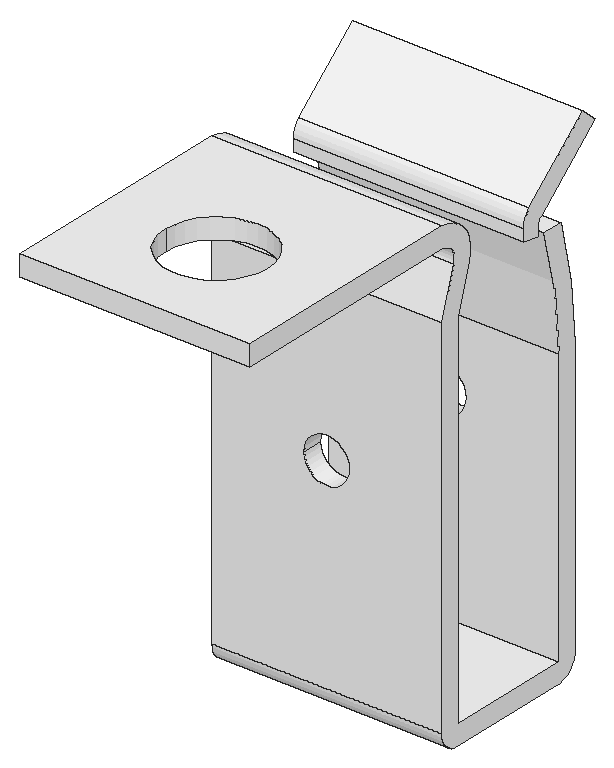
Revit family "C-38用ハンガー", category 機械設備, Revit 2020
Family settings
  丸型コネクタ寸法 = 直径を使用
  種別 = なし
  パーツ タイプ = 標準
  作業面ベース = いいえ
  常に垂直 = はい
  ロード時にボイドで切り取り = いいえ
  共有 = いいえ
  部屋計算ポイント = いいえ
Parameters
  製造元 = "株式会社桐井製作所"
  既定の高さ = 0 mm
  URL = "https://www.kirii.co.jp/"
  K_材質 = "SGHC　一般用"
  K_品名 = "C-38チャンネル用ハンガー"
  K_名称 = "その他ハンガー"
  K_入数 = "300"
  K_バージョン情報 = "20211012"
  K_めっき付着量 = "Z12"
  K_JIS規格 = "JIS G 3302"
Reference planes
  plane 1 "中心(正面/背面)": y = 0
  plane 2: z = 0
  plane 3 "中心(左/右)": x = 0
  plane 4: x = 11.25
  plane 5: x = -11.25
Forms (mm)
  Extrusion 1, void
    sketch origin (0, -1.432, 0) x (1, 0, 0) y (0, 1, 0)
      loop
        line (-11.25, 12.416) -> (-11.25, 3.282) -> (-5.5, 3.282) -> (-5.5, 12.416) -> (-11.25, 12.416)
      loop
        line (5.5, 12.433) -> (5.5, 3.282) -> (11.25, 3.282) -> (11.25, 12.433) -> (5.5, 12.433)
    from 38.4 to 47.1
  Extrusion 2, void
    sketch origin (0, -2.227, 0) x (1, 0, 0) y (0, 1, 0)
      loop
        circle (0, -19.429) r 5
    from 42.5 to 44.5
  Extrusion 3, solid
    sketch origin (0, 0, -1.6) x (0, 1, 0) y (0, 0, 1)
      loop
        line (6.15, 1.6) -> (-6.15, 1.6) -> (-6.15, 37.293) -> (-4.811, 41.55)
        arc (-4.811, 41.55) -> (-5.328, 44.671) -> (-8.15, 46.1) r 3.5
        line (-8.15, 46.1) -> (-31.65, 46.1) -> (-31.65, 44.1) -> (-8.15, 44.1)
        arc (-8.15, 44.1) -> (-6.941, 43.487) -> (-6.719, 42.15) r 1.5
        line (-6.719, 42.15) -> (-8.15, 37.6) -> (-8.15, 1.6)
        arc (-8.15, 1.6) -> (-7.564, 0.186) -> (-6.15, -0.4) r 2
        line (-6.15, -0.4) -> (5.85, -0.4)
        arc (5.85, -0.4) -> (7.476, 0.274) -> (8.15, 1.9) r 2.3
        line (8.15, 1.9) -> (8.15, 28.6)
        arc (8.15, 28.6) -> (7.403, 35.91) -> (5.502, 43.007) r 45.999
        line (5.502, 43.007) -> (3.87, 41.611)
        arc (3.87, 41.611) -> (5.498, 35.21) -> (6.15, 28.638) r 44
        line (6.15, 28.638) -> (6.15, 1.6)
    from -11.25 to 11.25
  Extrusion 4, solid
    sketch origin (0, 0, 0) x (0, 1, 0) y (0, 0, 1)
      loop
        line (9.096, 47.1) -> (2.468, 41.429)
        arc (2.468, 41.429) -> (2.01, 40.703) -> (1.85, 39.86) r 2.3
        line (1.85, 39.86) -> (1.85, 38.783) -> (3.622, 38.4) -> (3.622, 39.29)
        arc (3.622, 39.29) -> (3.698, 39.702) -> (3.922, 40.056) r 1.101
        line (3.922, 40.056) -> (10.55, 45.727) -> (9.096, 47.1)
    from -11.25 to 11.25
  Extrusion 5, void
    sketch origin (0, 0, 0) x (1, 0, 0) y (0, 1, 0)
      loop
        circle (0, 0.023) r 2.25
    from -2 to 0
  Extrusion 6, void
    sketch origin (0, 0, 0) x (1, 0, 0) y (0, 0, 1)
      loop
        circle (0, 20) r 2.25
    from 6.15 to 8.15
  Extrusion 7, void
    sketch origin (0, 14.3, 0) x (1, 0, 0) y (0, 0, 1)
      loop
        circle (0, 20) r 2.25
    from 6.15 to 8.15
Cuts and joins
  Extrusion 1, Extrusion 2, Extrusion 5, Extrusion 6, Extrusion 7 cuts Extrusion 3
  Extrusion 6, Extrusion 7 cuts Extrusion 4
  joined: Extrusion 3, Extrusion 4
Dimensions and locks
  aligned and locked: level to plane 2
